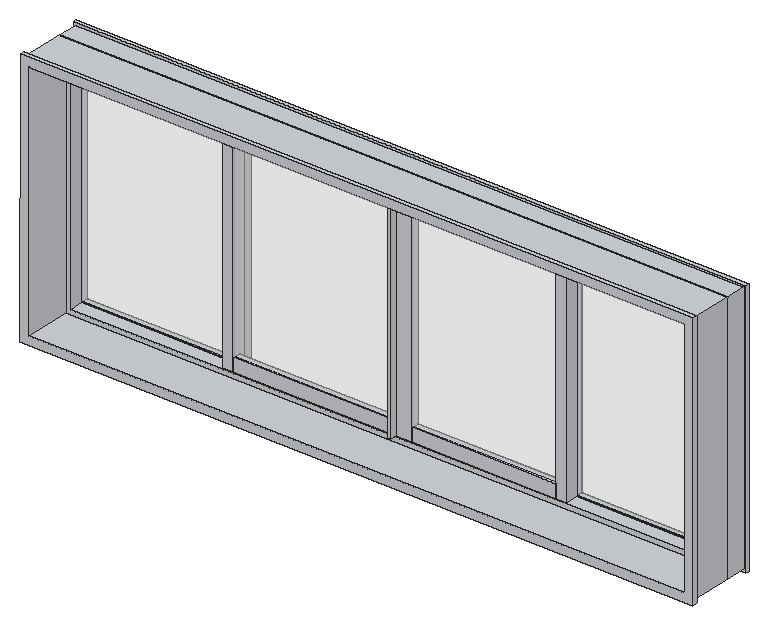
Revit family "APL Residential Thermal Heart Sliding Window FSSF", category Windows, host Wall, Revit 2017 (continued)
Definition of nested family "APL Residential Thermal Heart Sliding Window FSSF Vertical Section"
  Definition of nested family "Two Panel Head"
    Definition of nested family "65460_Door Top And Window Rail"
      Lines and regions (mm)
        detail lines, in view "Ref. Level"
          curve 124: line (16.481, 25.5, 0) -> (17.002, 25.5, 0)
          curve 125: arc (17.002, 25.5, 0) -> (17.16, 25.422, 0) -> (17.196, 25.25, 0) r 0.2
          curve 126: arc (2.202, 31.65, 0) -> (2.319, 31.367, 0) -> (2.602, 31.25, 0) r 0.4
          curve 127: arc (2.895, 31.25, 0) -> (2.998, 31.264, 0) -> (3.095, 31.304, 0) r 0.4
          curve 128: arc (4.623, 32.189, 0) -> (4.913, 32.309, 0) -> (5.224, 32.35, 0) r 1.2
          curve 129: arc (6.147, 32.35, 0) -> (6.72, 32.531, 0) -> (7.086, 33.008, 0) r 1
          curve 130: arc (7.879, 35.187, 0) -> (8.026, 35.378, 0) -> (8.255, 35.45, 0) r 0.4
          curve 131: arc (10.949, 35.45, 0) -> (11.178, 35.378, 0) -> (11.325, 35.187, 0) r 0.4
          curve 132: arc (12.118, 33.008, 0) -> (12.484, 32.531, 0) -> (13.057, 32.35, 0) r 1
          curve 133: arc (13.98, 32.35, 0) -> (14.291, 32.309, 0) -> (14.581, 32.189, 0) r 1.2
          curve 134: arc (16.109, 31.304, 0) -> (16.206, 31.264, 0) -> (16.309, 31.25, 0) r 0.4
          curve 135: arc (16.602, 31.25, 0) -> (16.885, 31.367, 0) -> (17.002, 31.65, 0) r 0.4
          curve 136: arc (17.002, 35.05, 0) -> (16.885, 35.333, 0) -> (16.602, 35.45, 0) r 0.4
          curve 137: arc (16.309, 35.45, 0) -> (16.206, 35.437, 0) -> (16.109, 35.396, 0) r 0.4
          curve 138: arc (14.581, 34.512, 0) -> (14.287, 34.39, 0) -> (13.972, 34.35, 0) r 1.2
          curve 139: arc (13.972, 34.35, 0) -> (13.797, 34.403, 0) -> (13.686, 34.548, 0) r 0.3
          curve 140: arc (12.798, 36.987, 0) -> (12.651, 37.178, 0) -> (12.422, 37.25, 0) r 0.4
          curve 141: arc (6.782, 37.25, 0) -> (6.553, 37.178, 0) -> (6.406, 36.987, 0) r 0.4
          curve 142: arc (5.518, 34.548, 0) -> (5.407, 34.403, 0) -> (5.232, 34.35, 0) r 0.3
          curve 143: arc (5.232, 34.35, 0) -> (4.917, 34.39, 0) -> (4.623, 34.512, 0) r 1.2
          curve 144: arc (3.095, 35.396, 0) -> (2.998, 35.437, 0) -> (2.895, 35.45, 0) r 0.4
          curve 145: arc (2.602, 35.45, 0) -> (2.319, 35.333, 0) -> (2.202, 35.05, 0) r 0.4
          curve 146: line (2.602, 31.25, 0) -> (2.895, 31.25, 0)
          curve 147: line (3.095, 31.304, 0) -> (4.623, 32.189, 0)
          curve 148: line (5.224, 32.35, 0) -> (6.147, 32.35, 0)
          curve 149: line (7.086, 33.008, 0) -> (7.879, 35.187, 0)
          curve 150: line (8.255, 35.45, 0) -> (10.949, 35.45, 0)
          curve 151: line (11.325, 35.187, 0) -> (12.118, 33.008, 0)
          curve 152: line (13.057, 32.35, 0) -> (13.98, 32.35, 0)
          curve 153: line (14.581, 32.189, 0) -> (16.109, 31.304, 0)
          curve 154: line (16.309, 31.25, 0) -> (16.602, 31.25, 0)
          curve 155: line (17.002, 31.65, 0) -> (17.002, 35.05, 0)
          curve 156: line (16.602, 35.45, 0) -> (16.309, 35.45, 0)
          curve 157: line (16.109, 35.396, 0) -> (14.581, 34.512, 0)
          curve 158: line (13.686, 34.548, 0) -> (12.798, 36.987, 0)
          curve 159: line (12.422, 37.25, 0) -> (6.782, 37.25, 0)
          curve 160: line (6.406, 36.987, 0) -> (5.518, 34.548, 0)
          curve 161: line (4.623, 34.512, 0) -> (3.095, 35.396, 0)
          curve 162: line (2.895, 35.45, 0) -> (2.602, 35.45, 0)
          curve 163: line (2.202, 35.05, 0) -> (2.202, 31.65, 0)
          curve 164: arc (2.202, 24.6, 0) -> (2.319, 24.883, 0) -> (2.602, 25, 0) r 0.4
          curve 165: arc (2.895, 25, 0) -> (2.998, 24.986, 0) -> (3.095, 24.946, 0) r 0.4
          curve 166: arc (4.623, 24.061, 0) -> (4.913, 23.941, 0) -> (5.224, 23.9, 0) r 1.2
          curve 167: arc (6.147, 23.9, 0) -> (6.72, 23.719, 0) -> (7.086, 23.242, 0) r 1
          curve 168: arc (7.879, 21.063, 0) -> (8.026, 20.872, 0) -> (8.255, 20.8, 0) r 0.4
          curve 169: arc (10.949, 20.8, 0) -> (11.178, 20.872, 0) -> (11.325, 21.063, 0) r 0.4
          curve 170: arc (12.118, 23.242, 0) -> (12.484, 23.719, 0) -> (13.057, 23.9, 0) r 1
          curve 171: arc (13.98, 23.9, 0) -> (14.291, 23.941, 0) -> (14.581, 24.061, 0) r 1.2
          curve 172: arc (16.109, 24.946, 0) -> (16.206, 24.986, 0) -> (16.309, 25, 0) r 0.4
          curve 173: arc (16.602, 25, 0) -> (16.885, 24.883, 0) -> (17.002, 24.6, 0) r 0.4
          curve 174: arc (17.002, 21.2, 0) -> (16.885, 20.917, 0) -> (16.602, 20.8, 0) r 0.4
          curve 175: arc (16.309, 20.8, 0) -> (16.206, 20.813, 0) -> (16.109, 20.854, 0) r 0.4
          curve 176: arc (14.581, 21.738, 0) -> (14.287, 21.86, 0) -> (13.972, 21.9, 0) r 1.2
          curve 177: arc (13.972, 21.9, 0) -> (13.797, 21.847, 0) -> (13.686, 21.702, 0) r 0.3
          curve 178: arc (12.798, 19.263, 0) -> (12.651, 19.072, 0) -> (12.422, 19, 0) r 0.4
          curve 179: arc (6.782, 19, 0) -> (6.553, 19.072, 0) -> (6.406, 19.263, 0) r 0.4
          curve 180: arc (5.518, 21.702, 0) -> (5.407, 21.847, 0) -> (5.232, 21.9, 0) r 0.3
          curve 181: arc (5.232, 21.9, 0) -> (4.917, 21.86, 0) -> (4.623, 21.738, 0) r 1.2
          curve 182: arc (3.095, 20.854, 0) -> (2.998, 20.813, 0) -> (2.895, 20.8, 0) r 0.4
          curve 183: arc (2.602, 20.8, 0) -> (2.319, 20.917, 0) -> (2.202, 21.2, 0) r 0.4
          curve 184: line (2.602, 25, 0) -> (2.895, 25, 0)
          curve 185: line (3.095, 24.946, 0) -> (4.623, 24.061, 0)
          curve 186: line (5.224, 23.9, 0) -> (6.147, 23.9, 0)
          curve 187: line (7.086, 23.242, 0) -> (7.879, 21.063, 0)
          curve 188: line (8.255, 20.8, 0) -> (10.949, 20.8, 0)
          curve 189: line (11.325, 21.063, 0) -> (12.118, 23.242, 0)
          curve 190: line (13.057, 23.9, 0) -> (13.98, 23.9, 0)
          curve 191: line (14.581, 24.061, 0) -> (16.109, 24.946, 0)
          curve 192: line (16.309, 25, 0) -> (16.602, 25, 0)
          curve 193: line (17.002, 24.6, 0) -> (17.002, 21.2, 0)
          curve 194: line (16.602, 20.8, 0) -> (16.309, 20.8, 0)
          curve 195: line (16.109, 20.854, 0) -> (14.581, 21.738, 0)
          curve 196: line (13.686, 21.702, 0) -> (12.798, 19.263, 0)
          curve 197: line (12.422, 19, 0) -> (6.782, 19, 0)
          curve 198: line (6.406, 19.263, 0) -> (5.518, 21.702, 0)
          curve 199: line (4.623, 21.738, 0) -> (3.095, 20.854, 0)
          curve 200: line (2.895, 20.8, 0) -> (2.602, 20.8, 0)
          curve 201: line (2.202, 21.2, 0) -> (2.202, 24.6, 0)
          curve 202: arc (2.402, 7.33, 0) -> (2.261, 7.271, 0) -> (2.202, 7.13, 0) r 0.2
          curve 203: arc (2.202, 6.53, 0) -> (2.143, 6.388, 0) -> (2.002, 6.33, 0) r 0.2
          curve 204: arc (1.6, 6.33, 0) -> (1.459, 6.388, 0) -> (1.4, 6.53, 0) r 0.2
          curve 205: arc (1.644, 18.06, 0) -> (1.956, 18.728, 0) -> (2.642, 19, 0) r 1
          curve 206: arc (3.119, 19, 0) -> (3.424, 19.199, 0) -> (3.697, 18.957, 0) r 0.3
          curve 207: arc (3.697, 18.957, 0) -> (3.763, 18.819, 0) -> (3.889, 18.731, 0) r 0.3
          curve 208: arc (5.299, 18.218, 0) -> (5.585, 18.262, 0) -> (5.701, 18.526, 0) r 0.3
          curve 209: arc (5.494, 20.891, 0) -> (5.467, 20.992, 0) -> (5.407, 21.077, 0) r 0.3
          curve 210: arc (5.043, 21.441, 0) -> (4.85, 21.493, 0) -> (4.709, 21.352, 0) r 0.2
          curve 211: arc (4.664, 21.184, 0) -> (4.612, 21.095, 0) -> (4.523, 21.043, 0) r 0.2
          curve 212: arc (2.302, 20.5, 0) -> (2.022, 20.693, 0) -> (2.102, 21.023, 0) r 0.3
          curve 213: arc (2.102, 21.023, 0) -> (2.176, 21.125, 0) -> (2.202, 21.247, 0) r 0.3
          curve 214: arc (2.008, 25.25, 0) -> (2.044, 25.422, 0) -> (2.202, 25.5, 0) r 0.2
          curve 215: arc (2.722, 25.5, 0) -> (2.804, 25.489, 0) -> (2.879, 25.456, 0) r 0.3
          curve 216: arc (4.133, 24.691, 0) -> (4.13, 24.521, 0) -> (4.236, 24.388, 0) r 0.25
          curve 217: arc (4.322, 24.336, 0) -> (4.574, 24.332, 0) -> (4.702, 24.55, 0) r 0.25
          curve 218: arc (4.702, 26.696, 0) -> (4.676, 26.794, 0) -> (4.606, 26.867, 0) r 0.2
          curve 219: arc (2.725, 28.015, 0) -> (2.629, 28.186, 0) -> (2.725, 28.357, 0) r 0.2
          curve 220: arc (4.606, 29.505, 0) -> (4.676, 29.578, 0) -> (4.702, 29.676, 0) r 0.2
          curve 221: arc (4.702, 31.7, 0) -> (4.575, 31.918, 0) -> (4.322, 31.914, 0) r 0.25
          curve 222: arc (4.236, 31.861, 0) -> (4.13, 31.729, 0) -> (4.133, 31.559, 0) r 0.25
          curve 223: arc (2.879, 30.794, 0) -> (2.804, 30.761, 0) -> (2.723, 30.75, 0) r 0.3
          curve 224: arc (2.202, 30.75, 0) -> (2.044, 30.828, 0) -> (2.008, 31, 0) r 0.2
          curve 225: arc (2.202, 35.003, 0) -> (2.176, 35.125, 0) -> (2.102, 35.227, 0) r 0.3
          curve 226: arc (2.102, 35.227, 0) -> (2.022, 35.557, 0) -> (2.302, 35.75, 0) r 0.3
          curve 227: arc (4.523, 35.207, 0) -> (4.612, 35.155, 0) -> (4.664, 35.066, 0) r 0.2
          curve 228: arc (4.709, 34.898, 0) -> (4.85, 34.757, 0) -> (5.043, 34.809, 0) r 0.2
          curve 229: arc (5.407, 35.173, 0) -> (5.467, 35.258, 0) -> (5.494, 35.359, 0) r 0.3
          curve 230: arc (5.701, 37.724, 0) -> (5.585, 37.988, 0) -> (5.299, 38.032, 0) r 0.3
          curve 231: arc (3.889, 37.519, 0) -> (3.763, 37.431, 0) -> (3.697, 37.293, 0) r 0.3
          curve 232: arc (3.697, 37.293, 0) -> (3.424, 37.051, 0) -> (3.119, 37.25, 0) r 0.3
          curve 233: arc (2.3, 37.25, 0) -> (1.946, 37.397, 0) -> (1.8, 37.75, 0) r 0.5
          curve 234: arc (1.8, 41.053, 0) -> (1.86, 41.193, 0) -> (2, 41.25, 0) r 0.2
          curve 235: arc (3, 41.25, 0) -> (3.141, 41.309, 0) -> (3.2, 41.45, 0) r 0.2
          curve 236: arc (3.2, 42.55, 0) -> (3.141, 42.692, 0) -> (3, 42.75, 0) r 0.2
          curve 237: arc (2, 42.75, 0) -> (1.86, 42.808, 0) -> (1.8, 42.947, 0) r 0.2
          curve 238: arc (1.8, 56.053, 0) -> (1.86, 56.193, 0) -> (2, 56.25, 0) r 0.2
          curve 239: arc (3, 56.25, 0) -> (3.141, 56.309, 0) -> (3.2, 56.45, 0) r 0.2
          curve 240: arc (3.2, 57.55, 0) -> (3.141, 57.692, 0) -> (3, 57.75, 0) r 0.2
          curve 241: arc (2, 57.75, 0) -> (1.86, 57.808, 0) -> (1.8, 57.947, 0) r 0.2
          curve 242: arc (1.8, 71.8, 0) -> (1.741, 71.942, 0) -> (1.6, 72, 0) r 0.2
          curve 243: arc (0.5, 72, 0) -> (0.146, 71.854, 0) -> (0, 71.5, 0) r 0.5
          curve 244: arc (0, 0.2, 0) -> (0.059, 0.058, 0) -> (0.2, 0, 0) r 0.2
          curve 245: arc (3.002, 0, 0) -> (3.143, 0.058, 0) -> (3.202, 0.2, 0) r 0.2
          curve 246: arc (3.202, 1.63, 0) -> (3.143, 1.771, 0) -> (3.002, 1.83, 0) r 0.2
          curve 247: arc (2.402, 1.83, 0) -> (2.261, 1.771, 0) -> (2.202, 1.63, 0) r 0.2
          curve 248: arc (2.202, 1.28, 0) -> (2.143, 1.138, 0) -> (2.002, 1.08, 0) r 0.2
          curve 249: arc (1.402, 1.08, 0) -> (1.261, 1.138, 0) -> (1.202, 1.28, 0) r 0.2
          curve 250: arc (1.202, 4.38, 0) -> (1.261, 4.521, 0) -> (1.402, 4.58, 0) r 0.2
          curve 251: arc (2.002, 4.58, 0) -> (2.143, 4.521, 0) -> (2.202, 4.38, 0) r 0.2
          curve 252: arc (2.202, 4.03, 0) -> (2.261, 3.888, 0) -> (2.402, 3.83, 0) r 0.2
          curve 253: arc (3.002, 3.83, 0) -> (3.143, 3.888, 0) -> (3.202, 4.03, 0) r 0.2
          curve 254: line (3.002, 7.33, 0) -> (2.402, 7.33, 0)
          curve 255: line (2.202, 7.13, 0) -> (2.202, 6.53, 0)
          curve 256: line (2.002, 6.33, 0) -> (1.6, 6.33, 0)
          curve 257: line (1.4, 6.53, 0) -> (1.4, 14, 0)
          curve 258: line (1.4, 14, 0) -> (1.644, 18.06, 0)
          curve 259: line (2.642, 19, 0) -> (3.119, 19, 0)
          curve 260: line (3.889, 18.731, 0) -> (5.299, 18.218, 0)
          curve 261: line (5.701, 18.526, 0) -> (5.494, 20.891, 0)
          curve 262: line (5.407, 21.077, 0) -> (5.043, 21.441, 0)
          curve 263: line (4.709, 21.352, 0) -> (4.664, 21.184, 0)
          curve 264: line (4.523, 21.043, 0) -> (2.534, 20.51, 0)
          curve 265: line (2.202, 21.247, 0) -> (2.202, 24.474, 0)
          curve 266: line (2.196, 24.524, 0) -> (2.008, 25.25, 0)
          curve 267: line (2.202, 25.5, 0) -> (2.722, 25.5, 0)
          curve 268: line (2.879, 25.456, 0) -> (4.133, 24.691, 0)
          curve 269: line (4.702, 24.55, 0) -> (4.702, 26.696, 0)
          curve 270: line (4.606, 26.867, 0) -> (2.725, 28.015, 0)
          curve 271: line (2.725, 28.357, 0) -> (4.606, 29.505, 0)
          curve 272: line (4.702, 29.676, 0) -> (4.702, 31.7, 0)
          curve 273: line (4.133, 31.559, 0) -> (2.879, 30.794, 0)
          curve 274: line (2.723, 30.75, 0) -> (2.202, 30.75, 0)
          curve 275: line (2.008, 31, 0) -> (2.196, 31.726, 0)
          curve 276: line (2.202, 31.776, 0) -> (2.202, 35.003, 0)
          curve 277: line (2.534, 35.74, 0) -> (4.523, 35.207, 0)
          curve 278: line (4.664, 35.066, 0) -> (4.709, 34.898, 0)
          curve 279: line (5.043, 34.809, 0) -> (5.407, 35.173, 0)
          curve 280: line (5.494, 35.359, 0) -> (5.701, 37.724, 0)
          curve 281: line (5.299, 38.032, 0) -> (3.889, 37.519, 0)
          curve 282: line (3.119, 37.25, 0) -> (2.3, 37.25, 0)
          curve 283: line (1.8, 37.75, 0) -> (1.8, 41.053, 0)
          curve 284: line (2, 41.25, 0) -> (3, 41.25, 0)
          curve 285: line (3.2, 41.45, 0) -> (3.2, 42.55, 0)
          curve 286: line (3, 42.75, 0) -> (2, 42.75, 0)
          curve 287: line (1.8, 42.947, 0) -> (1.8, 56.053, 0)
          curve 288: line (2, 56.25, 0) -> (3, 56.25, 0)
          curve 289: line (3.2, 56.45, 0) -> (3.2, 57.55, 0)
          curve 290: line (3, 57.75, 0) -> (2, 57.75, 0)
          curve 291: line (1.8, 57.947, 0) -> (1.8, 71.8, 0)
          curve 292: line (1.6, 72, 0) -> (0.5, 72, 0)
          curve 293: line (0, 71.5, 0) -> (0, 0.2, 0)
          curve 294: line (0.2, 0, 0) -> (3.002, 0, 0)
          curve 295: line (3.202, 0.2, 0) -> (3.202, 1.63, 0)
          curve 296: line (3.002, 1.83, 0) -> (2.402, 1.83, 0)
          curve 297: line (2.202, 1.63, 0) -> (2.202, 1.28, 0)
          curve 298: line (2.002, 1.08, 0) -> (1.402, 1.08, 0)
          curve 299: line (1.202, 1.28, 0) -> (1.202, 4.38, 0)
          curve 300: line (1.402, 4.58, 0) -> (2.002, 4.58, 0)
          curve 301: line (2.202, 4.38, 0) -> (2.202, 4.03, 0)
          curve 302: line (2.402, 3.83, 0) -> (3.002, 3.83, 0)
          curve 303: line (3.202, 4.03, 0) -> (3.202, 7.13, 0)
          curve 304: arc (3.202, 7.13, 0) -> (3.143, 7.271, 0) -> (3.002, 7.33, 0) r 0.2
      Text (mm)
        text "65460" at (7.711, 85.3, 0), in view "Ref. Level"
    Definition of nested family "65400_Frame Head"
      Reference planes
        plane 1 "Center (Front/Back)": y = 0
        plane 2: z = 0
        plane 3 "Center (Left/Right)": x = 0
      Lines and regions (mm)
        detail lines, in view "Ref. Level"
          curve 1: arc (46.1, -24.2, 0) -> (45.602, -22.998, 0) -> (44.4, -22.5, 0) r 1.7
          curve 2: arc (29.9, -22.5, 0) -> (29.546, -22.354, 0) -> (29.4, -22, 0) r 0.5
          curve 3: arc (29.4, -8.901, 0) -> (29.546, -8.547, 0) -> (29.9, -8.4, 0) r 0.5
          curve 4: arc (36.605, -8.4, 0) -> (37.013, -8.479, 0) -> (37.363, -8.704, 0) r 1.1
          curve 5: arc (37.363, -8.704, 0) -> (38.199, -9.316, 0) -> (39.189, -9.621, 0) r 3.126
          curve 6: arc (62.286, -10.8, 0) -> (62.738, -11.119, 0) -> (63.285, -11.042, 0) r 0.75
          curve 7: arc (63.285, -11.042, 0) -> (64.2, -10.8, 0) -> (65.115, -11.042, 0) r 1.85
          curve 8: arc (65.115, -11.042, 0) -> (65.281, -11.112, 0) -> (65.459, -11.14, 0) r 0.75
          curve 9: arc (65.459, -11.14, 0) -> (65.663, -11.192, 0) -> (65.828, -11.324, 0) r 0.5
          curve 10: arc (65.828, -11.324, 0) -> (66.3, -12.65, 0) -> (65.828, -13.976, 0) r 2.1
          curve 11: arc (65.828, -13.976, 0) -> (65.663, -14.108, 0) -> (65.459, -14.16, 0) r 0.5
          curve 12: arc (65.459, -14.16, 0) -> (65.281, -14.188, 0) -> (65.115, -14.258, 0) r 0.75
          curve 13: arc (65.115, -14.258, 0) -> (63.721, -14.437, 0) -> (62.604, -13.585, 0) r 1.85
          curve 14: arc (62.604, -13.585, 0) -> (61.577, -13.317, 0) -> (61.309, -14.343, 0) r 0.75
          curve 15: arc (61.309, -14.343, 0) -> (62.349, -15.442, 0) -> (63.765, -15.972, 0) r 3.35
          curve 16: arc (63.765, -15.972, 0) -> (64.076, -16.138, 0) -> (64.2, -16.467, 0) r 0.5
          curve 17: arc (64.2, -25.517, 0) -> (64.489, -27.435, 0) -> (65.33, -29.182, 0) r 6.5
          curve 18: arc (65.33, -29.182, 0) -> (65.978, -30.526, 0) -> (66.2, -32, 0) r 5
          curve 19: arc (66.2, -41.1, 0) -> (66.054, -41.454, 0) -> (65.7, -41.6, 0) r 0.5
          curve 20: arc (47, -41.6, 0) -> (46.646, -41.454, 0) -> (46.5, -41.1, 0) r 0.5
          curve 21: arc (46.5, -36.5, 0) -> (46.396, -35.952, 0) -> (46.1, -35.48, 0) r 1.5
          curve 22: arc (24.183, -8.227, 0) -> (24.053, -8.162, 0) -> (24, -8.027, 0) r 0.2
          curve 23: arc (24.399, -5.679, 0) -> (24.668, -5.392, 0) -> (25.06, -5.387, 0) r 0.5
          curve 24: arc (25.06, -5.387, 0) -> (25.236, -5.3, 0) -> (25.42, -5.367, 0) r 0.25
          curve 25: arc (25.42, -5.367, 0) -> (25.563, -5.498, 0) -> (25.569, -5.691, 0) r 0.25
          curve 26: arc (26.823, -6.456, 0) -> (26.898, -6.489, 0) -> (26.979, -6.5, 0) r 0.3
          curve 27: arc (27.5, -6.5, 0) -> (27.658, -6.422, 0) -> (27.694, -6.25, 0) r 0.2
          curve 28: arc (27.5, -2.247, 0) -> (27.526, -2.125, 0) -> (27.6, -2.024, 0) r 0.3
          curve 29: arc (27.6, -2.024, 0) -> (27.664, -1.657, 0) -> (27.322, -1.51, 0) r 0.3
          curve 30: arc (25.179, -2.043, 0) -> (25.09, -2.095, 0) -> (25.038, -2.184, 0) r 0.2
          curve 31: arc (24.993, -2.352, 0) -> (24.852, -2.493, 0) -> (24.659, -2.441, 0) r 0.2
          curve 32: arc (24.295, -2.078, 0) -> (24.235, -1.992, 0) -> (24.208, -1.892, 0) r 0.3
          curve 33: arc (24.001, 0.474, 0) -> (24.117, 0.738, 0) -> (24.403, 0.782, 0) r 0.3
          curve 34: arc (25.813, 0.268, 0) -> (25.939, 0.181, 0) -> (26.005, 0.043, 0) r 0.3
          curve 35: arc (26.005, 0.043, 0) -> (26.278, -0.199, 0) -> (26.583, 0, 0) r 0.3
          curve 36: arc (28.9, 0, 0) -> (29.254, -0.146, 0) -> (29.4, -0.5, 0) r 0.5
          curve 37: arc (29.4, -6.1, 0) -> (29.546, -6.454, 0) -> (29.9, -6.6, 0) r 0.499
          curve 38: arc (37.767, -6.6, 0) -> (38.931, -6.835, 0) -> (39.913, -7.503, 0) r 2.996
          curve 39: arc (39.913, -7.503, 0) -> (40.232, -7.73, 0) -> (40.611, -7.831, 0) r 1.1
          curve 40: arc (68.1, -8.9, 0) -> (68.241, -8.841, 0) -> (68.3, -8.7, 0) r 0.2
          curve 41: arc (68.3, -0.5, 0) -> (68.446, -0.146, 0) -> (68.8, 0, 0) r 0.5
          curve 42: arc (71.117, 0, 0) -> (71.422, -0.199, 0) -> (71.695, 0.043, 0) r 0.3
          curve 43: arc (71.695, 0.043, 0) -> (71.761, 0.181, 0) -> (71.887, 0.268, 0) r 0.3
          curve 44: arc (73.297, 0.782, 0) -> (73.583, 0.738, 0) -> (73.699, 0.474, 0) r 0.3
          curve 45: arc (73.492, -1.892, 0) -> (73.465, -1.992, 0) -> (73.405, -2.078, 0) r 0.3
          curve 46: arc (73.041, -2.441, 0) -> (72.848, -2.493, 0) -> (72.707, -2.352, 0) r 0.2
          curve 47: arc (72.662, -2.184, 0) -> (72.61, -2.095, 0) -> (72.521, -2.043, 0) r 0.2
          curve 48: arc (70.378, -1.51, 0) -> (70.036, -1.657, 0) -> (70.1, -2.024, 0) r 0.3
          curve 49: arc (70.1, -2.024, 0) -> (70.174, -2.125, 0) -> (70.2, -2.247, 0) r 0.3
          curve 50: arc (70.006, -6.25, 0) -> (70.042, -6.422, 0) -> (70.2, -6.5, 0) r 0.2
          curve 51: arc (70.721, -6.5, 0) -> (70.802, -6.489, 0) -> (70.877, -6.456, 0) r 0.3
          curve 52: arc (72.131, -5.691, 0) -> (72.137, -5.498, 0) -> (72.28, -5.367, 0) r 0.25
          curve 53: arc (72.28, -5.367, 0) -> (72.55, -5.321, 0) -> (72.7, -5.55, 0) r 0.25
          curve 54: arc (72.7, -7.124, 0) -> (72.618, -7.522, 0) -> (72.385, -7.854, 0) r 1
          curve 55: arc (72.385, -7.854, 0) -> (72.322, -8, 0) -> (72.385, -8.146, 0) r 0.2
          curve 56: arc (72.385, -8.146, 0) -> (72.618, -8.477, 0) -> (72.7, -8.874, 0) r 1
          curve 57: arc (72.7, -10.449, 0) -> (72.573, -10.668, 0) -> (72.32, -10.663, 0) r 0.25
          curve 58: arc (72.234, -10.611, 0) -> (72.128, -10.479, 0) -> (72.131, -10.309, 0) r 0.25
          curve 59: arc (70.877, -9.544, 0) -> (70.802, -9.511, 0) -> (70.721, -9.5, 0) r 0.3
          curve 60: arc (70.2, -9.5, 0) -> (70.042, -9.578, 0) -> (70.006, -9.75, 0) r 0.2
          curve 61: arc (70.2, -13.753, 0) -> (70.174, -13.876, 0) -> (70.1, -13.976, 0) r 0.3
          curve 62: arc (70.1, -13.976, 0) -> (70.02, -14.307, 0) -> (70.3, -14.5, 0) r 0.3
          curve 63: arc (72.521, -13.957, 0) -> (72.61, -13.905, 0) -> (72.662, -13.816, 0) r 0.2
          curve 64: arc (72.707, -13.648, 0) -> (72.848, -13.507, 0) -> (73.041, -13.559, 0) r 0.2
          curve 65: arc (73.405, -13.922, 0) -> (73.465, -14.008, 0) -> (73.492, -14.108, 0) r 0.3
          curve 66: arc (73.699, -16.474, 0) -> (73.583, -16.738, 0) -> (73.297, -16.782, 0) r 0.3
          curve 67: arc (71.887, -16.268, 0) -> (71.761, -16.181, 0) -> (71.695, -16.043, 0) r 0.3
          curve 68: arc (71.695, -16.043, 0) -> (71.422, -15.801, 0) -> (71.117, -16, 0) r 0.3
          curve 69: arc (66.201, -16, 0) -> (65.847, -16.146, 0) -> (65.7, -16.5, 0) r 0.5
          curve 70: arc (65.7, -25.519, 0) -> (65.922, -26.994, 0) -> (66.57, -28.337, 0) r 5
          curve 71: arc (66.57, -28.337, 0) -> (67.411, -30.083, 0) -> (67.7, -32, 0) r 6.5
          curve 72: arc (67.7, -33.1, 0) -> (67.759, -33.241, 0) -> (67.9, -33.3, 0) r 0.2
          curve 73: arc (69.3, -33.3, 0) -> (69.441, -33.241, 0) -> (69.5, -33.1, 0) r 0.2
          curve 74: arc (69.5, -32.8, 0) -> (70, -32.299, 0) -> (70.5, -32.8, 0) r 0.5
          curve 75: arc (70.5, -35.351, 0) -> (69.999, -35.85, 0) -> (69.5, -35.35, 0) r 0.5
          curve 76: arc (69.5, -34.5, 0) -> (69.441, -34.359, 0) -> (69.3, -34.3, 0) r 0.2
          curve 77: arc (67.9, -34.3, 0) -> (67.759, -34.359, 0) -> (67.7, -34.5, 0) r 0.2
          curve 78: arc (67.7, -41.8, 0) -> (67.759, -41.941, 0) -> (67.9, -42, 0) r 0.2
          curve 79: arc (69.3, -42, 0) -> (69.441, -41.941, 0) -> (69.5, -41.8, 0) r 0.2
          curve 80: arc (69.5, -40.95, 0) -> (70, -40.449, 0) -> (70.5, -40.95, 0) r 0.5
          curve 81: arc (70.5, -42.499, 0) -> (70.354, -42.853, 0) -> (70, -43, 0) r 0.5
          curve 82: arc (42.7, -43, 0) -> (42.559, -42.941, 0) -> (42.5, -42.8, 0) r 0.2
          curve 83: arc (42.5, -41.25, 0) -> (43, -40.749, 0) -> (43.5, -41.25, 0) r 0.5
          curve 84: arc (43.5, -41.8, 0) -> (43.559, -41.941, 0) -> (43.7, -42, 0) r 0.2
          curve 85: arc (44.8, -42, 0) -> (44.941, -41.941, 0) -> (45, -41.8, 0) r 0.2
          curve 86: arc (45, -36.7, 0) -> (44.941, -36.559, 0) -> (44.8, -36.5, 0) r 0.2
          curve 87: arc (43.7, -36.5, 0) -> (43.559, -36.559, 0) -> (43.5, -36.7, 0) r 0.2
          curve 88: arc (43.5, -37.25, 0) -> (43, -37.749, 0) -> (42.5, -37.25, 0) r 0.5
          curve 89: arc (42.5, -36.5, 0) -> (42.793, -35.793, 0) -> (43.5, -35.5, 0) r 1
          curve 90: arc (44.395, -35.5, 0) -> (44.539, -35.443, 0) -> (44.6, -35.3, 0) r 0.202
          curve 91: arc (44.6, -24.2, 0) -> (44.538, -24.058, 0) -> (44.395, -24, 0) r 0.205
          curve 92: arc (26.583, -24, 0) -> (26.278, -23.801, 0) -> (26.005, -24.043, 0) r 0.3
          curve 93: arc (26.005, -24.043, 0) -> (25.939, -24.181, 0) -> (25.813, -24.268, 0) r 0.3
          curve 94: arc (24.403, -24.782, 0) -> (24.117, -24.738, 0) -> (24.001, -24.474, 0) r 0.3
          curve 95: arc (24.208, -22.108, 0) -> (24.235, -22.008, 0) -> (24.295, -21.922, 0) r 0.3
          curve 96: arc (24.659, -21.559, 0) -> (24.852, -21.507, 0) -> (24.993, -21.648, 0) r 0.2
          curve 97: arc (25.038, -21.816, 0) -> (25.09, -21.905, 0) -> (25.179, -21.957, 0) r 0.2
          curve 98: arc (27.322, -22.49, 0) -> (27.664, -22.343, 0) -> (27.6, -21.976, 0) r 0.3
          curve 99: arc (27.6, -21.976, 0) -> (27.526, -21.875, 0) -> (27.5, -21.753, 0) r 0.3
          curve 100: arc (27.694, -17.75, 0) -> (27.658, -17.578, 0) -> (27.5, -17.5, 0) r 0.2
          curve 101: arc (26.979, -17.5, 0) -> (26.898, -17.511, 0) -> (26.823, -17.544, 0) r 0.3
          curve 102: arc (25.569, -18.309, 0) -> (25.563, -18.502, 0) -> (25.42, -18.633, 0) r 0.25
          curve 103: arc (25.42, -18.633, 0) -> (25.15, -18.679, 0) -> (25, -18.45, 0) r 0.25
          curve 104: arc (25, -16.874, 0) -> (25.128, -16.385, 0) -> (25.479, -16.021, 0) r 1
          curve 105: line (46.1, -35.48, 0) -> (46.1, -24.2, 0)
          curve 106: line (44.4, -22.5, 0) -> (29.9, -22.5, 0)
          curve 107: line (29.4, -22, 0) -> (29.4, -8.901, 0)
          curve 108: line (29.9, -8.4, 0) -> (36.605, -8.4, 0)
          curve 109: line (39.189, -9.621, 0) -> (53.629, -10.8, 0)
          curve 110: line (53.629, -10.8, 0) -> (62.286, -10.8, 0)
          curve 111: line (64.2, -16.467, 0) -> (64.2, -25.517, 0)
          curve 112: line (66.2, -32, 0) -> (66.2, -41.1, 0)
          curve 113: line (65.7, -41.6, 0) -> (47, -41.6, 0)
          curve 114: line (46.5, -41.1, 0) -> (46.5, -36.5, 0)
          curve 115: line (27.317, -8.501, 0) -> (24.183, -8.227, 0)
          curve 116: line (24, -8.027, 0) -> (24, -6.776, 0)
          curve 117: line (24, -6.776, 0) -> (24.399, -5.679, 0)
          curve 118: line (25.569, -5.691, 0) -> (26.823, -6.456, 0)
          curve 119: line (26.979, -6.5, 0) -> (27.5, -6.5, 0)
          curve 120: line (27.694, -6.25, 0) -> (27.5, -5.5, 0)
          curve 121: line (27.5, -5.475, 0) -> (27.5, -2.247, 0)
          curve 122: line (27.312, -1.472, 0) -> (25.179, -2.043, 0)
          curve 123: line (25.038, -2.184, 0) -> (24.993, -2.352, 0)
          curve 124: line (24.659, -2.441, 0) -> (24.295, -2.078, 0)
          curve 125: line (24.208, -1.892, 0) -> (24.001, 0.474, 0)
          curve 126: line (24.403, 0.782, 0) -> (25.813, 0.268, 0)
          curve 127: line (26.583, 0, 0) -> (28.9, 0, 0)
          curve 128: line (29.4, -0.5, 0) -> (29.4, -6.1, 0)
          curve 129: line (29.9, -6.6, 0) -> (33.5, -6.6, 0)
          curve 130: line (33.5, -6.6, 0) -> (33.9, -7, 0)
          curve 131: line (33.9, -7, 0) -> (34.3, -6.6, 0)
          curve 132: line (34.3, -6.6, 0) -> (37.767, -6.6, 0)
          curve 133: line (40.611, -7.831, 0) -> (53.707, -8.9, 0)
          curve 134: line (53.707, -8.9, 0) -> (58.307, -8.9, 0)
          curve 135: line (58.307, -8.9, 0) -> (58.707, -9.3, 0)
          curve 136: line (58.707, -9.3, 0) -> (59.107, -8.9, 0)
          curve 137: line (59.107, -8.9, 0) -> (68.1, -8.9, 0)
          curve 138: line (68.3, -8.7, 0) -> (68.3, -0.5, 0)
          curve 139: line (68.8, 0, 0) -> (71.117, 0, 0)
          curve 140: line (71.887, 0.268, 0) -> (73.297, 0.782, 0)
          curve 141: line (73.699, 0.474, 0) -> (73.492, -1.892, 0)
          curve 142: line (73.405, -2.078, 0) -> (73.041, -2.441, 0)
          curve 143: line (72.707, -2.352, 0) -> (72.662, -2.184, 0)
          curve 144: line (72.521, -2.043, 0) -> (70.388, -1.472, 0)
          curve 145: line (70.2, -2.247, 0) -> (70.2, -5.475, 0)
          curve 146: line (70.2, -5.5, 0) -> (70.006, -6.25, 0)
          curve 147: line (70.2, -6.5, 0) -> (70.721, -6.5, 0)
          curve 148: line (70.877, -6.456, 0) -> (72.131, -5.691, 0)
          curve 149: line (72.7, -5.55, 0) -> (72.7, -7.124, 0)
          curve 150: line (72.7, -8.874, 0) -> (72.7, -10.449, 0)
          curve 151: line (72.131, -10.309, 0) -> (70.877, -9.544, 0)
          curve 152: line (70.721, -9.5, 0) -> (70.2, -9.5, 0)
          curve 153: line (70.006, -9.75, 0) -> (70.2, -10.5, 0)
          curve 154: line (70.2, -10.525, 0) -> (70.2, -13.753, 0)
          curve 155: line (70.532, -14.49, 0) -> (72.521, -13.957, 0)
          curve 156: line (72.662, -13.816, 0) -> (72.707, -13.648, 0)
          curve 157: line (73.041, -13.559, 0) -> (73.405, -13.922, 0)
          curve 158: line (73.492, -14.108, 0) -> (73.699, -16.474, 0)
          curve 159: line (73.297, -16.782, 0) -> (71.887, -16.268, 0)
          curve 160: line (71.117, -16, 0) -> (66.201, -16, 0)
          curve 161: line (65.7, -16.5, 0) -> (65.7, -25.519, 0)
          curve 162: line (67.7, -32, 0) -> (67.7, -33.1, 0)
          curve 163: line (67.9, -33.3, 0) -> (69.3, -33.3, 0)
          curve 164: line (69.5, -33.1, 0) -> (69.5, -32.8, 0)
          curve 165: line (70.5, -32.8, 0) -> (70.5, -35.351, 0)
          curve 166: line (69.5, -35.35, 0) -> (69.5, -34.5, 0)
          curve 167: line (69.3, -34.3, 0) -> (67.9, -34.3, 0)
          curve 168: line (67.7, -34.5, 0) -> (67.7, -41.8, 0)
          curve 169: line (67.9, -42, 0) -> (69.3, -42, 0)
          curve 170: line (69.5, -41.8, 0) -> (69.5, -40.95, 0)
          curve 171: line (70.5, -40.95, 0) -> (70.5, -42.499, 0)
          curve 172: line (70, -43, 0) -> (42.7, -43, 0)
          curve 173: line (42.5, -42.8, 0) -> (42.5, -41.25, 0)
          curve 174: line (43.5, -41.25, 0) -> (43.5, -41.8, 0)
          curve 175: line (43.7, -42, 0) -> (44.8, -42, 0)
          curve 176: line (45, -41.8, 0) -> (45, -36.7, 0)
          curve 177: line (44.8, -36.5, 0) -> (43.7, -36.5, 0)
          curve 178: line (43.5, -36.7, 0) -> (43.5, -37.25, 0)
          curve 179: line (42.5, -37.25, 0) -> (42.5, -36.5, 0)
          curve 180: line (43.5, -35.5, 0) -> (44.395, -35.5, 0)
          curve 181: line (44.6, -35.3, 0) -> (44.6, -24.2, 0)
          curve 182: line (44.395, -24, 0) -> (34.3, -24, 0)
          curve 183: line (34.3, -24, 0) -> (33.9, -23.6, 0)
          curve 184: line (33.9, -23.6, 0) -> (33.5, -24, 0)
          curve 185: line (33.5, -24, 0) -> (26.583, -24, 0)
          curve 186: line (25.813, -24.268, 0) -> (24.403, -24.782, 0)
          curve 187: line (24.001, -24.474, 0) -> (24.208, -22.108, 0)
          curve 188: line (24.295, -21.922, 0) -> (24.659, -21.559, 0)
          curve 189: line (24.993, -21.648, 0) -> (25.038, -21.816, 0)
          curve 190: line (25.179, -21.957, 0) -> (27.312, -22.528, 0)
          curve 191: line (27.5, -21.753, 0) -> (27.5, -18.525, 0)
          curve 192: line (27.5, -18.5, 0) -> (27.694, -17.75, 0)
          curve 193: line (27.5, -17.5, 0) -> (26.979, -17.5, 0)
          curve 194: line (26.823, -17.544, 0) -> (25.569, -18.309, 0)
          curve 195: line (25, -18.45, 0) -> (25, -16.874, 0)
          curve 196: line (25.479, -16.021, 0) -> (26.284, -15.529, 0)
          curve 197: line (26.389, -15.5, 0) -> (27.5, -15.5, 0)
          curve 198: line (27.5, -15.5, 0) -> (27.5, -8.7, 0)
          curve 199: arc (27.5, -8.7, 0) -> (27.447, -8.565, 0) -> (27.317, -8.501, 0) r 0.2
          curve 200: arc (70.2, -10.4, 0) -> (70.317, -10.117, 0) -> (70.6, -10, 0) r 0.4
          curve 201: arc (70.893, -10, 0) -> (70.996, -10.014, 0) -> (71.093, -10.054, 0) r 0.4
          curve 202: arc (72.621, -10.939, 0) -> (72.911, -11.059, 0) -> (73.222, -11.1, 0) r 1.2
          curve 203: arc (74.145, -11.1, 0) -> (74.718, -11.281, 0) -> (75.084, -11.758, 0) r 1
          curve 204: arc (75.877, -13.937, 0) -> (76.024, -14.128, 0) -> (76.253, -14.2, 0) r 0.4
          curve 205: arc (78.947, -14.2, 0) -> (79.176, -14.128, 0) -> (79.323, -13.937, 0) r 0.4
          curve 206: arc (80.116, -11.758, 0) -> (80.482, -11.281, 0) -> (81.055, -11.1, 0) r 1
          curve 207: arc (81.978, -11.1, 0) -> (82.289, -11.059, 0) -> (82.579, -10.939, 0) r 1.2
          curve 208: arc (84.107, -10.054, 0) -> (84.204, -10.014, 0) -> (84.307, -10, 0) r 0.4
          curve 209: arc (84.6, -10, 0) -> (84.883, -10.117, 0) -> (85, -10.4, 0) r 0.4
          curve 210: arc (85, -13.8, 0) -> (84.883, -14.083, 0) -> (84.6, -14.2, 0) r 0.4
          curve 211: arc (84.307, -14.2, 0) -> (84.204, -14.186, 0) -> (84.107, -14.146, 0) r 0.4
          curve 212: arc (82.579, -13.262, 0) -> (82.285, -13.14, 0) -> (81.97, -13.1, 0) r 1.2
          curve 213: arc (81.97, -13.1, 0) -> (81.795, -13.153, 0) -> (81.684, -13.297, 0) r 0.3
          curve 214: arc (80.796, -15.737, 0) -> (80.649, -15.928, 0) -> (80.42, -16, 0) r 0.4
          curve 215: arc (74.78, -16, 0) -> (74.551, -15.928, 0) -> (74.404, -15.737, 0) r 0.4
          curve 216: arc (73.516, -13.297, 0) -> (73.405, -13.153, 0) -> (73.23, -13.1, 0) r 0.3
          curve 217: arc (73.23, -13.1, 0) -> (72.915, -13.14, 0) -> (72.621, -13.262, 0) r 1.2
          curve 218: arc (71.093, -14.146, 0) -> (70.996, -14.186, 0) -> (70.893, -14.2, 0) r 0.4
          curve 219: arc (70.6, -14.2, 0) -> (70.317, -14.083, 0) -> (70.2, -13.8, 0) r 0.4
          curve 220: line (70.6, -10, 0) -> (70.893, -10, 0)
          curve 221: line (71.093, -10.054, 0) -> (72.621, -10.939, 0)
          curve 222: line (73.222, -11.1, 0) -> (74.145, -11.1, 0)
          curve 223: line (75.084, -11.758, 0) -> (75.877, -13.937, 0)
          curve 224: line (76.253, -14.2, 0) -> (78.947, -14.2, 0)
          curve 225: line (79.323, -13.937, 0) -> (80.116, -11.758, 0)
          curve 226: line (81.055, -11.1, 0) -> (81.978, -11.1, 0)
          curve 227: line (82.579, -10.939, 0) -> (84.107, -10.054, 0)
          curve 228: line (84.307, -10, 0) -> (84.6, -10, 0)
          curve 229: line (85, -10.4, 0) -> (85, -13.8, 0)
          curve 230: line (84.6, -14.2, 0) -> (84.307, -14.2, 0)
          curve 231: line (84.107, -14.146, 0) -> (82.579, -13.262, 0)
          curve 232: line (81.684, -13.297, 0) -> (80.796, -15.737, 0)
          curve 233: line (80.42, -16, 0) -> (74.78, -16, 0)
          curve 234: line (74.404, -15.737, 0) -> (73.516, -13.297, 0)
          curve 235: line (72.621, -13.262, 0) -> (71.093, -14.146, 0)
          curve 236: line (70.893, -14.2, 0) -> (70.6, -14.2, 0)
          curve 237: line (70.2, -13.8, 0) -> (70.2, -10.4, 0)
          curve 238: arc (70.2, -5.6, 0) -> (70.317, -5.883, 0) -> (70.6, -6, 0) r 0.4
          curve 239: arc (70.893, -6, 0) -> (70.996, -5.986, 0) -> (71.093, -5.946, 0) r 0.4
          curve 240: arc (72.621, -5.061, 0) -> (72.911, -4.941, 0) -> (73.222, -4.9, 0) r 1.2
          curve 241: arc (74.145, -4.9, 0) -> (74.718, -4.719, 0) -> (75.084, -4.242, 0) r 1
          curve 242: arc (75.877, -2.063, 0) -> (76.024, -1.872, 0) -> (76.253, -1.8, 0) r 0.4
          curve 243: arc (78.947, -1.8, 0) -> (79.176, -1.872, 0) -> (79.323, -2.063, 0) r 0.4
          curve 244: arc (80.116, -4.242, 0) -> (80.482, -4.719, 0) -> (81.055, -4.9, 0) r 1
          curve 245: arc (81.978, -4.9, 0) -> (82.289, -4.941, 0) -> (82.579, -5.061, 0) r 1.2
          curve 246: arc (84.107, -5.946, 0) -> (84.204, -5.986, 0) -> (84.307, -6, 0) r 0.4
          curve 247: arc (84.6, -6, 0) -> (84.883, -5.883, 0) -> (85, -5.6, 0) r 0.4
          curve 248: arc (85, -2.2, 0) -> (84.883, -1.917, 0) -> (84.6, -1.8, 0) r 0.4
          curve 249: arc (84.307, -1.8, 0) -> (84.204, -1.814, 0) -> (84.107, -1.854, 0) r 0.4
          curve 250: arc (82.579, -2.739, 0) -> (82.285, -2.86, 0) -> (81.97, -2.9, 0) r 1.2
          curve 251: arc (81.97, -2.9, 0) -> (81.795, -2.847, 0) -> (81.684, -2.703, 0) r 0.3
          curve 252: arc (80.796, -0.263, 0) -> (80.649, -0.072, 0) -> (80.42, 0, 0) r 0.4
          curve 253: arc (74.78, 0, 0) -> (74.551, -0.072, 0) -> (74.404, -0.263, 0) r 0.4
          curve 254: arc (73.516, -2.703, 0) -> (73.405, -2.847, 0) -> (73.23, -2.9, 0) r 0.3
          curve 255: arc (73.23, -2.9, 0) -> (72.915, -2.86, 0) -> (72.621, -2.739, 0) r 1.2
          curve 256: arc (71.093, -1.854, 0) -> (70.996, -1.814, 0) -> (70.893, -1.8, 0) r 0.4
          curve 257: arc (70.6, -1.8, 0) -> (70.317, -1.917, 0) -> (70.2, -2.2, 0) r 0.4
          curve 258: line (70.6, -6, 0) -> (70.893, -6, 0)
          curve 259: line (71.093, -5.946, 0) -> (72.621, -5.061, 0)
          curve 260: line (73.222, -4.9, 0) -> (74.145, -4.9, 0)
          curve 261: line (75.084, -4.242, 0) -> (75.877, -2.063, 0)
          curve 262: line (76.253, -1.8, 0) -> (78.947, -1.8, 0)
          curve 263: line (79.323, -2.063, 0) -> (80.116, -4.242, 0)
          curve 264: line (81.055, -4.9, 0) -> (81.978, -4.9, 0)
          curve 265: line (82.579, -5.061, 0) -> (84.107, -5.946, 0)
          curve 266: line (84.307, -6, 0) -> (84.6, -6, 0)
          curve 267: line (85, -5.6, 0) -> (85, -2.2, 0)
          curve 268: line (84.6, -1.8, 0) -> (84.307, -1.8, 0)
          curve 269: line (84.107, -1.854, 0) -> (82.579, -2.739, 0)
          curve 270: line (81.684, -2.703, 0) -> (80.796, -0.263, 0)
          curve 271: line (80.42, 0, 0) -> (74.78, 0, 0)
          curve 272: line (74.404, -0.263, 0) -> (73.516, -2.703, 0)
          curve 273: line (72.621, -2.739, 0) -> (71.093, -1.854, 0)
          curve 274: line (70.893, -1.8, 0) -> (70.6, -1.8, 0)
          curve 275: line (70.2, -2.2, 0) -> (70.2, -5.6, 0)
          curve 276: arc (113.4, -35.877, 0) -> (113.327, -35.95, 0) -> (113.3, -36.05, 0) r 0.2
          curve 277: arc (113.3, -40.25, 0) -> (113.327, -40.35, 0) -> (113.4, -40.423, 0) r 0.2
          curve 278: arc (113.4, -40.423, 0) -> (113.473, -40.496, 0) -> (113.5, -40.596, 0) r 0.2
          curve 279: arc (113.5, -41.8, 0) -> (113.441, -41.941, 0) -> (113.3, -42, 0) r 0.2
          curve 280: arc (111.701, -42, 0) -> (111.559, -41.942, 0) -> (111.5, -41.8, 0) r 0.2
          curve 281: arc (111.5, -40.95, 0) -> (111, -40.451, 0) -> (110.5, -40.95, 0) r 0.5
          curve 282: arc (110.5, -42.5, 0) -> (110.646, -42.854, 0) -> (111, -43, 0) r 0.499
          curve 283: arc (114.5, -43, 0) -> (114.847, -42.847, 0) -> (115, -42.5, 0) r 0.523
          curve 284: arc (115, -21.5, 0) -> (114.856, -21.144, 0) -> (114.5, -21, 0) r 0.493
          curve 285: arc (111.7, -21, 0) -> (111.558, -20.942, 0) -> (111.5, -20.8, 0) r 0.199
          curve 286: arc (111.5, -13.199, 0) -> (110.852, -11.559, 0) -> (109.258, -10.805, 0) r 2.399
          curve 287: arc (109.258, -10.805, 0) -> (108.878, -10.588, 0) -> (108.814, -10.156, 0) r 0.5
          curve 288: arc (108.814, -10.156, 0) -> (109, -8.953, 0) -> (108.816, -7.75, 0) r 4
          curve 289: arc (108.816, -7.75, 0) -> (108.89, -7.304, 0) -> (109.293, -7.1, 0) r 0.5
          curve 290: arc (109.5, -7.1, 0) -> (110.914, -6.514, 0) -> (111.5, -5.1, 0) r 2.001
          curve 291: arc (120.75, -1.5, 0) -> (121.501, -0.747, 0) -> (120.745, 0, 0) r 0.75
          curve 292: arc (111.5, 0, 0) -> (110.439, -0.439, 0) -> (110, -1.5, 0) r 1.5
          curve 293: arc (110, -5, 0) -> (109.941, -5.141, 0) -> (109.8, -5.2, 0) r 0.2
          curve 294: arc (100.5, -5.2, 0) -> (100.146, -5.346, 0) -> (100, -5.7, 0) r 0.5
          curve 295: arc (100, -6.2, 0) -> (100.146, -6.554, 0) -> (100.5, -6.7, 0) r 0.5
          curve 296: arc (101.927, -6.7, 0) -> (102.266, -6.833, 0) -> (102.426, -7.16, 0) r 0.5
          curve 297: arc (102.426, -7.16, 0) -> (102.912, -7.803, 0) -> (103.7, -7.634, 0) r 0.75
          curve 298: arc (103.7, -7.634, 0) -> (105, -7.1, 0) -> (106.3, -7.634, 0) r 1.85
          curve 299: arc (106.3, -7.634, 0) -> (106.442, -7.744, 0) -> (106.607, -7.817, 0) r 0.75
          curve 300: arc (106.607, -7.817, 0) -> (106.791, -7.92, 0) -> (106.916, -8.09, 0) r 0.5
          curve 301: arc (106.916, -8.09, 0) -> (107.1, -8.95, 0) -> (106.916, -9.81, 0) r 2.1
          curve 302: arc (106.916, -9.81, 0) -> (106.791, -9.98, 0) -> (106.607, -10.083, 0) r 0.5
          curve 303: arc (106.607, -10.083, 0) -> (106.442, -10.156, 0) -> (106.3, -10.266, 0) r 0.75
          curve 304: arc (106.3, -10.266, 0) -> (105, -10.8, 0) -> (103.7, -10.266, 0) r 1.85
          curve 305: arc (103.7, -10.266, 0) -> (103.027, -10.064, 0) -> (102.482, -10.509, 0) r 0.75
          curve 306: arc (102.482, -10.509, 0) -> (102.32, -10.716, 0) -> (102.075, -10.812, 0) r 0.5
          curve 307: arc (102.075, -10.812, 0) -> (101.154, -11.14, 0) -> (100.481, -11.85, 0) r 2.1
          curve 308: arc (100.481, -11.85, 0) -> (100.298, -12.033, 0) -> (100.048, -12.1, 0) r 0.5
          curve 309: arc (91.556, -12.1, 0) -> (91.287, -12.022, 0) -> (91.103, -11.812, 0) r 0.5
          curve 310: arc (91.103, -11.812, 0) -> (90.328, -10.929, 0) -> (89.2, -10.6, 0) r 2.1
          curve 311: arc (87.9, -10.6, 0) -> (87.193, -10.307, 0) -> (86.9, -9.6, 0) r 1
          curve 312: arc (86.9, -0.5, 0) -> (86.754, -0.146, 0) -> (86.4, 0, 0) r 0.5
          curve 313: arc (84.083, 0, 0) -> (83.778, -0.199, 0) -> (83.505, 0.043, 0) r 0.3
          curve 314: arc (83.505, 0.043, 0) -> (83.439, 0.181, 0) -> (83.313, 0.268, 0) r 0.3
          curve 315: arc (81.903, 0.782, 0) -> (81.617, 0.738, 0) -> (81.501, 0.474, 0) r 0.3
          curve 316: arc (81.708, -1.892, 0) -> (81.735, -1.992, 0) -> (81.795, -2.078, 0) r 0.3
          curve 317: arc (82.159, -2.441, 0) -> (82.352, -2.493, 0) -> (82.493, -2.352, 0) r 0.2
          curve 318: arc (82.538, -2.184, 0) -> (82.59, -2.095, 0) -> (82.679, -2.043, 0) r 0.2
          curve 319: arc (84.822, -1.51, 0) -> (85.164, -1.657, 0) -> (85.1, -2.024, 0) r 0.3
          curve 320: arc (85.1, -2.024, 0) -> (85.026, -2.125, 0) -> (85, -2.247, 0) r 0.3
          curve 321: arc (85.194, -6.25, 0) -> (85.158, -6.422, 0) -> (85, -6.5, 0) r 0.2
          curve 322: arc (84.479, -6.5, 0) -> (84.398, -6.489, 0) -> (84.323, -6.456, 0) r 0.3
          curve 323: arc (83.069, -5.691, 0) -> (83.063, -5.498, 0) -> (82.92, -5.367, 0) r 0.25
          curve 324: arc (82.92, -5.367, 0) -> (82.65, -5.321, 0) -> (82.5, -5.55, 0) r 0.25
          curve 325: arc (82.5, -7.126, 0) -> (82.582, -7.523, 0) -> (82.815, -7.854, 0) r 1
          curve 326: arc (82.815, -7.854, 0) -> (82.878, -8, 0) -> (82.815, -8.146, 0) r 0.2
          curve 327: arc (82.815, -8.146, 0) -> (82.582, -8.477, 0) -> (82.5, -8.874, 0) r 1
          curve 328: arc (82.5, -10.45, 0) -> (82.628, -10.668, 0) -> (82.88, -10.663, 0) r 0.25
          curve 329: arc (82.966, -10.611, 0) -> (83.072, -10.479, 0) -> (83.069, -10.309, 0) r 0.25
          curve 330: arc (84.323, -9.544, 0) -> (84.398, -9.511, 0) -> (84.479, -9.5, 0) r 0.3
          curve 331: arc (85, -9.5, 0) -> (85.158, -9.577, 0) -> (85.194, -9.75, 0) r 0.2
          curve 332: arc (85, -13.753, 0) -> (85.026, -13.875, 0) -> (85.1, -13.976, 0) r 0.3
          curve 333: arc (85.1, -13.976, 0) -> (85.164, -14.343, 0) -> (84.822, -14.49, 0) r 0.3
          curve 334: arc (82.679, -13.957, 0) -> (82.59, -13.905, 0) -> (82.538, -13.816, 0) r 0.2
          curve 335: arc (82.493, -13.648, 0) -> (82.352, -13.507, 0) -> (82.159, -13.559, 0) r 0.2
          curve 336: arc (81.795, -13.922, 0) -> (81.735, -14.008, 0) -> (81.708, -14.108, 0) r 0.3
          curve 337: arc (81.501, -16.474, 0) -> (81.617, -16.738, 0) -> (81.903, -16.782, 0) r 0.3
          curve 338: arc (83.313, -16.268, 0) -> (83.439, -16.181, 0) -> (83.505, -16.043, 0) r 0.3
          curve 339: arc (83.505, -16.043, 0) -> (83.778, -15.801, 0) -> (84.083, -16, 0) r 0.3
          curve 340: arc (86.7, -16, 0) -> (86.841, -15.941, 0) -> (86.9, -15.8, 0) r 0.2
          curve 341: arc (86.9, -12.7, 0) -> (86.959, -12.559, 0) -> (87.1, -12.5, 0) r 0.2
          curve 342: arc (89.2, -12.5, 0) -> (89.341, -12.559, 0) -> (89.4, -12.7, 0) r 0.2
          curve 343: arc (89.4, -13.8, 0) -> (89.459, -13.941, 0) -> (89.6, -14, 0) r 0.2
          curve 344: arc (101.9, -14, 0) -> (102.042, -13.941, 0) -> (102.1, -13.8, 0) r 0.2
          curve 345: arc (102.1, -12.9, 0) -> (102.159, -12.759, 0) -> (102.3, -12.7, 0) r 0.2
          curve 346: arc (109.1, -12.7, 0) -> (109.454, -12.846, 0) -> (109.6, -13.2, 0) r 0.5
          curve 347: arc (109.6, -14.5, 0) -> (109.541, -14.641, 0) -> (109.4, -14.7, 0) r 0.2
          curve 348: arc (107.3, -14.7, 0) -> (107.159, -14.759, 0) -> (107.1, -14.9, 0) r 0.2
          curve 349: arc (107.1, -15.8, 0) -> (107.159, -15.941, 0) -> (107.3, -16, 0) r 0.2
          curve 350: arc (109.5, -16, 0) -> (109.854, -16.146, 0) -> (110, -16.5, 0) r 0.5
          curve 351: arc (110, -22.8, 0) -> (110.146, -23.154, 0) -> (110.5, -23.3, 0) r 0.5
          curve 352: arc (111.3, -23.3, 0) -> (111.441, -23.241, 0) -> (111.5, -23.1, 0) r 0.2
          curve 353: arc (113.3, -22.3, 0) -> (113.441, -22.359, 0) -> (113.5, -22.5, 0) r 0.2
          curve 354: arc (113.5, -27.4, 0) -> (113.1, -27.8, 0) -> (113.5, -28.2, 0) r 0.4
          curve 355: arc (113.5, -33.1, 0) -> (113.441, -33.241, 0) -> (113.3, -33.3, 0) r 0.2
          curve 356: arc (111.5, -32.7, 0) -> (111.383, -32.417, 0) -> (111.1, -32.3, 0) r 0.4
          curve 357: arc (111, -32.3, 0) -> (110.646, -32.447, 0) -> (110.5, -32.8, 0) r 0.5
          curve 358: arc (110.5, -35.35, 0) -> (111, -35.85, 0) -> (111.5, -35.35, 0) r 0.5
          curve 359: arc (111.5, -34.5, 0) -> (111.559, -34.359, 0) -> (111.7, -34.3, 0) r 0.2
          curve 360: arc (113.3, -34.3, 0) -> (113.441, -34.359, 0) -> (113.5, -34.5, 0) r 0.2
          curve 361: line (113.3, -36.05, 0) -> (113.3, -40.25, 0)
          curve 362: line (113.5, -40.596, 0) -> (113.5, -41.8, 0)
          curve 363: line (113.3, -42, 0) -> (111.701, -42, 0)
          curve 364: line (111.5, -41.8, 0) -> (111.5, -40.95, 0)
          curve 365: line (110.5, -40.95, 0) -> (110.5, -42.5, 0)
          curve 366: line (111, -43, 0) -> (114.5, -43, 0)
          curve 367: line (115, -42.5, 0) -> (115, -21.5, 0)
          curve 368: line (114.5, -21, 0) -> (111.7, -21, 0)
          curve 369: line (111.5, -20.8, 0) -> (111.5, -13.199, 0)
          curve 370: line (109.293, -7.1, 0) -> (109.5, -7.1, 0)
          curve 371: line (111.5, -5.1, 0) -> (111.5, -1.5, 0)
          curve 372: line (111.5, -1.5, 0) -> (120.75, -1.5, 0)
          curve 373: line (120.745, 0, 0) -> (119, 0, 0)
          curve 374: line (119, 0, 0) -> (118.6, -0.4, 0)
          curve 375: line (118.6, -0.4, 0) -> (112.3, -0.4, 0)
          curve 376: line (112.3, -0.4, 0) -> (111.9, 0, 0)
          curve 377: line (111.9, 0, 0) -> (111.5, 0, 0)
          curve 378: line (110, -1.5, 0) -> (110, -5, 0)
          curve 379: line (109.8, -5.2, 0) -> (100.5, -5.2, 0)
          curve 380: line (100, -5.7, 0) -> (100, -6.2, 0)
          curve 381: line (100.5, -6.7, 0) -> (101.927, -6.7, 0)
          curve 382: line (100.048, -12.1, 0) -> (91.556, -12.1, 0)
          curve 383: line (89.2, -10.6, 0) -> (87.9, -10.6, 0)
          curve 384: line (86.9, -9.6, 0) -> (86.9, -0.5, 0)
          curve 385: line (86.4, 0, 0) -> (84.083, 0, 0)
          curve 386: line (83.313, 0.268, 0) -> (81.903, 0.782, 0)
          curve 387: line (81.501, 0.474, 0) -> (81.708, -1.892, 0)
          curve 388: line (81.795, -2.078, 0) -> (82.159, -2.441, 0)
          curve 389: line (82.493, -2.352, 0) -> (82.538, -2.184, 0)
          curve 390: line (82.679, -2.043, 0) -> (84.812, -1.472, 0)
          curve 391: line (85, -2.247, 0) -> (85, -5.475, 0)
          curve 392: line (85, -5.5, 0) -> (85.194, -6.25, 0)
          curve 393: line (85, -6.5, 0) -> (84.479, -6.5, 0)
          curve 394: line (84.323, -6.456, 0) -> (83.069, -5.691, 0)
          curve 395: line (82.5, -5.55, 0) -> (82.5, -7.126, 0)
          curve 396: line (82.5, -8.874, 0) -> (82.5, -10.45, 0)
          curve 397: line (83.069, -10.309, 0) -> (84.323, -9.544, 0)
          curve 398: line (84.479, -9.5, 0) -> (85, -9.5, 0)
          curve 399: line (85.194, -9.75, 0) -> (85, -10.5, 0)
          curve 400: line (85, -10.525, 0) -> (85, -13.752, 0)
          curve 401: line (84.812, -14.528, 0) -> (82.679, -13.957, 0)
          curve 402: line (82.538, -13.816, 0) -> (82.493, -13.648, 0)
          curve 403: line (82.159, -13.559, 0) -> (81.795, -13.922, 0)
          curve 404: line (81.708, -14.108, 0) -> (81.501, -16.474, 0)
          curve 405: line (81.903, -16.782, 0) -> (83.313, -16.268, 0)
          curve 406: line (84.083, -16, 0) -> (86.7, -16, 0)
          curve 407: line (86.9, -15.8, 0) -> (86.9, -12.7, 0)
          curve 408: line (87.1, -12.5, 0) -> (89.2, -12.5, 0)
          curve 409: line (89.4, -12.7, 0) -> (89.4, -13.8, 0)
          curve 410: line (89.6, -14, 0) -> (95.4, -14, 0)
          curve 411: line (95.4, -14, 0) -> (95.8, -13.6, 0)
          curve 412: line (95.8, -13.6, 0) -> (96.2, -14, 0)
          curve 413: line (96.2, -14, 0) -> (101.9, -14, 0)
          curve 414: line (102.1, -13.8, 0) -> (102.1, -12.9, 0)
          curve 415: line (102.3, -12.7, 0) -> (109.1, -12.7, 0)
          curve 416: line (109.6, -13.2, 0) -> (109.6, -14.5, 0)
          curve 417: line (109.4, -14.7, 0) -> (107.3, -14.7, 0)
          curve 418: line (107.1, -14.9, 0) -> (107.1, -15.8, 0)
          curve 419: line (107.3, -16, 0) -> (109.5, -16, 0)
          curve 420: line (110, -16.5, 0) -> (110, -22.8, 0)
          curve 421: line (110.5, -23.3, 0) -> (111.3, -23.3, 0)
          curve 422: line (111.5, -23.1, 0) -> (111.5, -22.3, 0)
          curve 423: line (111.5, -22.3, 0) -> (113.3, -22.3, 0)
          curve 424: line (113.5, -22.5, 0) -> (113.5, -27.4, 0)
          curve 425: line (113.5, -28.2, 0) -> (113.5, -33.1, 0)
          curve 426: line (113.3, -33.3, 0) -> (111.5, -33.3, 0)
          curve 427: line (111.5, -33.3, 0) -> (111.5, -32.7, 0)
          curve 428: line (110.5, -32.8, 0) -> (110.5, -35.35, 0)
          curve 429: line (111.5, -35.35, 0) -> (111.5, -34.5, 0)
          curve 430: line (111.7, -34.3, 0) -> (113.3, -34.3, 0)
          curve 431: line (113.5, -34.5, 0) -> (113.5, -35.704, 0)
          curve 432: arc (113.5, -35.704, 0) -> (113.473, -35.804, 0) -> (113.4, -35.877, 0) r 0.2
          curve 433: arc (12.7, -18.4, 0) -> (12.817, -18.117, 0) -> (13.1, -18, 0) r 0.4
          curve 434: arc (13.393, -18, 0) -> (13.496, -18.014, 0) -> (13.593, -18.054, 0) r 0.4
          curve 435: arc (15.121, -18.939, 0) -> (15.411, -19.059, 0) -> (15.722, -19.1, 0) r 1.2
          curve 436: arc (16.645, -19.1, 0) -> (17.218, -19.281, 0) -> (17.584, -19.758, 0) r 1
          curve 437: arc (18.377, -21.937, 0) -> (18.524, -22.128, 0) -> (18.753, -22.2, 0) r 0.4
          curve 438: arc (21.447, -22.2, 0) -> (21.676, -22.128, 0) -> (21.823, -21.937, 0) r 0.4
          curve 439: arc (22.616, -19.758, 0) -> (22.982, -19.281, 0) -> (23.555, -19.1, 0) r 1
          curve 440: arc (24.478, -19.1, 0) -> (24.789, -19.059, 0) -> (25.079, -18.939, 0) r 1.2
          curve 441: arc (26.607, -18.054, 0) -> (26.704, -18.014, 0) -> (26.807, -18, 0) r 0.4
          curve 442: arc (27.1, -18, 0) -> (27.383, -18.117, 0) -> (27.5, -18.4, 0) r 0.4
          curve 443: arc (27.5, -21.8, 0) -> (27.383, -22.083, 0) -> (27.1, -22.2, 0) r 0.4
          curve 444: arc (26.807, -22.2, 0) -> (26.704, -22.186, 0) -> (26.607, -22.146, 0) r 0.4
          curve 445: arc (25.079, -21.261, 0) -> (24.785, -21.14, 0) -> (24.47, -21.1, 0) r 1.2
          curve 446: arc (24.47, -21.1, 0) -> (24.295, -21.153, 0) -> (24.184, -21.297, 0) r 0.3
          curve 447: arc (23.296, -23.737, 0) -> (23.149, -23.928, 0) -> (22.92, -24, 0) r 0.4
          curve 448: arc (17.28, -24, 0) -> (17.051, -23.928, 0) -> (16.904, -23.737, 0) r 0.4
          curve 449: arc (16.016, -21.297, 0) -> (15.905, -21.153, 0) -> (15.73, -21.1, 0) r 0.3
          curve 450: arc (15.73, -21.1, 0) -> (15.415, -21.14, 0) -> (15.121, -21.261, 0) r 1.2
          curve 451: arc (13.593, -22.146, 0) -> (13.496, -22.186, 0) -> (13.393, -22.2, 0) r 0.4
          curve 452: arc (13.1, -22.2, 0) -> (12.817, -22.083, 0) -> (12.7, -21.8, 0) r 0.4
          curve 453: line (13.1, -18, 0) -> (13.393, -18, 0)
          curve 454: line (13.593, -18.054, 0) -> (15.121, -18.939, 0)
          curve 455: line (15.722, -19.1, 0) -> (16.645, -19.1, 0)
          curve 456: line (17.584, -19.758, 0) -> (18.377, -21.937, 0)
          curve 457: line (18.753, -22.2, 0) -> (21.447, -22.2, 0)
          curve 458: line (21.823, -21.937, 0) -> (22.616, -19.758, 0)
          curve 459: line (23.555, -19.1, 0) -> (24.478, -19.1, 0)
          curve 460: line (25.079, -18.939, 0) -> (26.607, -18.054, 0)
          curve 461: line (26.807, -18, 0) -> (27.1, -18, 0)
          curve 462: line (27.5, -18.4, 0) -> (27.5, -21.8, 0)
          curve 463: line (27.1, -22.2, 0) -> (26.807, -22.2, 0)
          curve 464: line (26.607, -22.146, 0) -> (25.079, -21.261, 0)
          curve 465: line (24.184, -21.297, 0) -> (23.296, -23.737, 0)
          curve 466: line (22.92, -24, 0) -> (17.28, -24, 0)
          curve 467: line (16.904, -23.737, 0) -> (16.016, -21.297, 0)
          curve 468: line (15.121, -21.261, 0) -> (13.593, -22.146, 0)
          curve 469: line (13.393, -22.2, 0) -> (13.1, -22.2, 0)
          curve 470: line (12.7, -21.8, 0) -> (12.7, -18.4, 0)
          curve 471: arc (12.7, -2.2, 0) -> (12.817, -1.917, 0) -> (13.1, -1.8, 0) r 0.4
          curve 472: arc (13.393, -1.8, 0) -> (13.496, -1.814, 0) -> (13.593, -1.854, 0) r 0.4
          curve 473: arc (15.121, -2.739, 0) -> (15.411, -2.859, 0) -> (15.722, -2.9, 0) r 1.2
